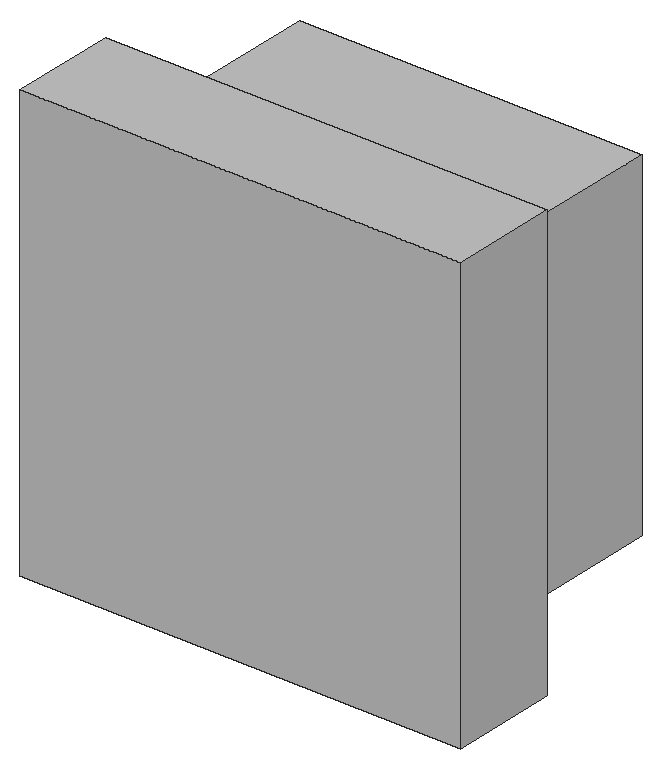
Revit family "efg_egg-20_60ms(t)b2_50Hz", category 機械設備, Revit 2019
Family settings
  丸型コネクタ寸法 = 直径を使用
  パーツ タイプ = 標準
  OmniClass 番号 = 23.75.35.21.17
  OmniClass タイトル = Industrial Ventilating Equipment
  作業面ベース = いいえ
  常に垂直 = はい
  ロード時にボイドで切り取り = はい
  共有 = いいえ
  部屋計算ポイント = はい
Parameters (values of type "EFG-25MSB2")
  騒音レベル(dB(A)) [instance] = 37.5
  風量 [instance] = 1010.0 m³/h
  電源種別 [instance] = ""
  電圧 = 100 V
  電動機出力 = 25 W
  電動機_種別 [instance] = ""
  運転質量 = 0.00 kg
  連動 [instance] = ""
  質量 = if(製品質量 > 運転質量, 製品質量, 運転質量) * 1.2  # 7.32 kg
  負荷分類 = 3_ファン類
  説明 = "業務用有圧換気扇 店舗用 メッシュタイプ 排気形"
  設計風量 [instance] = 0.0 m³/h
  設置方法 = "壁付"
  記号 [instance] = ""
  製造元 = "三菱電機株式会社"
  製品質量 = 6.10 kg
  製品出荷対象 = "国内"
  製品リリース年月 = "2022年6月1日"
  製品グループ = ""
  系統 [instance] = ""
  符号 [instance] = if(☑給気／□排気, "FS", "FE")  # "FE"
  積算_科目 = ""
  積算_拾い区分 [instance] = ""
  相 = 1
  盤記号 [instance] = ""
  盤工事区分 = ""
  発停方法 [instance] = ""
  番手 = "∅250"
  特殊仕様 [instance] = ""
  火災停止 [instance] = ""
  消費電力 = 35 W
  法定耐用年数 = "15"
  極数 = 2
  極 = 4
  材質 [instance] = ""
  操作・制御方式 = ""
  操作・制御スイッチ = ""
  排気量 [instance] = if(☑給気／□排気, 0.0 m³/h, 設計風量)  # 0.0 m³/h
  形式 = ""
  幹線記号 [instance] = ""
  対象室 [instance] = ""
  実風量 [instance] = 0.0 m³/h
  始動方式 [instance] = "直入"
  外気量 [instance] = if(☑給気／□排気, 設計風量, 0.0 m³/h)  # 0.0 m³/h
  呼称 = "有圧扇"
  周波数 = 50 Hz
  参照している仕様書等のバージョン = ""
  分類コード = "50052503100110"
  分類グループ = ""
  価格 = 68600
  企業コード = "108420"
  付属品_防振装置 = ""
  付属品 [instance] = ""
  仕様書バージョン = "Version1.0"
  モデル = "EFG-25MSB2"
  ファンの種類 = "軸流羽根"
  コメント [instance] = ""
  Keynote = ""
  ☑給気／□排気 [instance] = no
  Width = 379 mm
  W1 = 294 mm
  Version = ""
  Uniclass2015Version = "Systems v1.9"
  Uniclass2015Title = "Propeller fans"
  Uniclass2015Code = "Pr_65_67_29_67"
  URL = "https://www.mitsubishielectric.co.jp/ldg/wink/ssl/displayProduct.do?pid=318510"
  SpecificationReference = ""
  SpecificationDescription = ""
  Revision = ""
  ProductInformation = ""
  OmniClassCode = "23-33 31 19 11 17"
  MIN風量 = 840.0 m³/h
  MID風量 = 0.0 m³/h
  MAX風量 = 1010.0 m³/h
  IfcTypeProduct = ""
  IfcProduct = ""
  IfcExportType = "TUBEAXIAL"
  IfcExportAs = "IfcFanType"
  Height = 374 mm
  H1 = 294 mm
  Depth = 247 mm
  D1 = 155 mm
  Author = "三菱電機株式会社"
Types (7, lengths in mm): name | 騒音レベル(dB(A)) | 風量 | 電圧 | 電動機出力 | 質量 | 製品質量 | 相 | 番手 | 消費電力 | 極数 | 極 | 価格 | モデル | Width | W1 | URL | MIN風量 | MAX風量 | Height | H1 | Depth | D1
  EFG-25MSB2 | 37.5 | 1010.0 m³/h | 100 V | 25 W | 7.32 kg | 6.10 kg | 1 | "∅250" | 35 W | 2 | 4 | 68600 | "EFG-25MSB2" | 379 | 294 | "https://www.mitsubishielectric.co.jp/ldg/wink/ssl/displayProduct.do?pid=318510" | 840.0 m³/h | 1010.0 m³/h | 374 | 294 | 247 | 155
  EFG-30MSB2 | 43 | 1540.0 m³/h | 100 V | 50 W | 9.24 kg | 7.70 kg | 1 | "∅300" | 48 W | 2 | 4 | 83500 | "EFG-30MSB2" | 429 | 344 | "https://www.mitsubishielectric.co.jp/ldg/wink/ssl/displayProduct.do?pid=318569" | 1260.0 m³/h | 1540.0 m³/h | 424 | 344 | 272 | 155
  EFG-35MSB2 | 49 | 2400.0 m³/h | 100 V | 100 W | 12.72 kg | 10.60 kg | 1 | "∅350" | 85 W | 2 | 4 | 121000 | "EFG-35MSB2" | 484 | 399 | "https://www.mitsubishielectric.co.jp/ldg/wink/ssl/displayProduct.do?pid=318574" | 2050.0 m³/h | 2400.0 m³/h | 479 | 399 | 277 | 155
  EFG-40MSB2 | 54.5 | 3300.0 m³/h | 100 V | 150 W | 20.52 kg | 17.10 kg | 1 | "∅400" | 139 W | 2 | 4 | 156000 | "EFG-40MSB2" | 520 | 423 | "https://www.mitsubishielectric.co.jp/ldg/wink/ssl/displayProduct.do?pid=318580" | 2780.0 m³/h | 3300.0 m³/h | 518 | 423 | 343 | 159
  EFG-40MSTB2 | 54.5 | 3200.0 m³/h | 200 V | 150 W | 20.28 kg | 16.90 kg | 3 | "∅400" | 127 W | 3 | 4 | 156000 | "EFG-40MSTB2" | 520 | 423 | "https://www.mitsubishielectric.co.jp/ldg/wink/ssl/displayProduct.do?pid=318581" | 0.0 m³/h | 3200.0 m³/h | 518 | 423 | 343 | 159
  EGG-50MSTB2 | 52.5 | 5250.0 m³/h | 200 V | 400 W | 30.36 kg | 25.30 kg | 3 | "∅500" | 245 W | 3 | 6 | 201000 | "EGG-50MSTB2" | 620 | 524 | "https://www.mitsubishielectric.co.jp/ldg/wink/ssl/displayProduct.do?pid=318601" | 0.0 m³/h | 5250.0 m³/h | 618 | 524 | 413 | 189
  EGG-60MSTB2 | 57 | 7540.0 m³/h | 200 V | 400 W | 36.84 kg | 30.70 kg | 3 | "∅600" | 360 W | 3 | 6 | 265000 | "EGG-60MSTB2" | 710 | 614 | "https://www.mitsubishielectric.co.jp/ldg/wink/ssl/displayProduct.do?pid=318604" | 0.0 m³/h | 7540.0 m³/h | 708 | 614 | 433 | 189
Reference planes
  plane 1 "中心(正面/背面)": y = 0
  plane 2: z = 0
  plane 3 "中心(左/右)": x = 0
  plane 4: z = 0
  plane 5: through (-212.884, -1524, -243.751) normal (0.6508, 0, 0.7593)
  plane 6: through (208.307, -1524, -247.63) normal (-0.6508, 0, 0.7593)
  plane 7 "正面": y = -92
  plane 8: through (-208.307, -1524, -247.63) normal (-0.6508, 0, -0.7593)
  plane 9: y = 158
  plane 10: y = 258
  plane 11: x = -189.5
  plane 12: x = 189.5
  plane 13: z = 187
  plane 14: x = -147
  plane 15: z = 147
  plane 16: z = -187
  plane 17: z = -147
  plane 18: x = 147
  plane 19: y = 155
Forms (mm)
  Extrusion 1, solid, detail levels fine
    sketch origin (0, 0, 0) x (1, 0, 0) y (0, 0, 1)
      loop
        line (-189.5, 187) -> (-189.5, -187) -> (189.5, -187) -> (189.5, 187) -> (-189.5, 187)
    from 0 to 92
  Extrusion 2, solid, detail levels fine
    sketch origin (0, 0, 0) x (1, 0, 0) y (0, 0, 1)
      loop
        line (-147, 147) -> (-147, -147) -> (147, -147) -> (147, 147) -> (-147, 147)
    from -155 to 0
Lines and regions (mm)
  Masking region 1, detail levels coarse+medium
    outline origin (0, 0, 0) x (1, 0, 0) y (0, 1, 0)
      loop
        line (-250, -92) -> (250, -92) -> (250, 158) -> (-250, 158) -> (-250, -92)
  Masking region 2, detail levels coarse+medium
    outline origin (0, 0, 0) x (1, 0, 0) y (0, 1, 0)
      loop
        line (-124, 158) -> (124, 158) -> (124, 258) -> (-124, 258) -> (-124, 158)
  symbolic lines, detail levels coarse+medium
    curve 1: circle (124, -98, 0) r 115 normal (0, 0, 1)
    curve 2: circle (-124, -98, 0) r 115 normal (0, 0, -1)
Dimensions and locks
  level to plane 4 = 0 mm
  plane 7 "正面" to plane 9 to plane 10 = 250 mm locked, 100 mm locked
  equal spacing: plane 18, plane 3 "中心(左/右)", plane 14
  "W1": plane 18 to plane 14
  equal spacing: plane 12, plane 3 "中心(左/右)", plane 11
  "Width": plane 12 to plane 11
  equal spacing: plane 15, level, plane 17
  "H1": plane 15 to plane 17
  equal spacing: plane 13, level, plane 16
  "Height": plane 13 to plane 16
  "D1": plane 1 "中心(正面/背面)" to plane 19
  "Depth": plane 7 "正面" to plane 19
  aligned and locked: level to plane 2
  aligned and locked: plane 7 "正面" to Masking region 1 sketch curve
  aligned and locked: plane 9 to Masking region 1 sketch curve
  aligned and locked: Masking region 2 sketch curve to plane 9
  aligned and locked: plane 10 to Masking region 2 sketch curve
  aligned and locked: Extrusion 1 sketch curve to plane 13
  aligned and locked: plane 11 to Extrusion 1 sketch curve
  aligned and locked: Extrusion 1 sketch curve to plane 16
  aligned and locked: plane 12 to Extrusion 1 sketch curve
  aligned and locked: Extrusion 2 sketch curve to plane 15
  aligned and locked: plane 14 to Extrusion 2 sketch curve
  aligned and locked: Extrusion 2 sketch curve to plane 17
  aligned and locked: plane 18 to Extrusion 2 sketch curve
  aligned and locked: plane 19 to Extrusion 2
  aligned and locked: plane 1 "中心(正面/背面)" to Extrusion 2
  aligned and locked: plane 7 "正面" to Extrusion 1
  aligned and locked: Extrusion 1 to plane 1 "中心(正面/背面)"
Automatic sketch dimensions
  curve 2 to plane 3 "中心(左/右)" = 124 mm
  plane 3 "中心(左/右)" to curve 1 = 124 mm
  Masking region 1 sketch curve to plane 3 "中心(左/右)" = 250 mm
  plane 3 "中心(左/右)" to Masking region 1 sketch curve = 250 mm
  Masking region 2 sketch curve to plane 3 "中心(左/右)" = 124 mm
  plane 3 "中心(左/右)" to Masking region 2 sketch curve = 124 mm
  plane 7 "正面" to curve 2 = 6 mm
  plane 7 "正面" to curve 1 = 6 mm
  radius of curve 1 = 115 mm
  radius of curve 2 = 115 mm
Connectors
  electrical at (-189.5, -46, 0), driven by "極数", driven by "負荷分類", driven by "電圧", driven by "消費電力"
    settings: on Extrusion 1, index 1, voltage 100 V, apparent load 35 VA, apparent load phase1 0 VA, apparent load phase2 0 VA, apparent load phase3 0 VA, power factor 1, load classification "3_ファン類", number of poles 2, system type 30, power factor state 1, is connector primary yes, connector utility no, sub classification motor no, connector description ""
